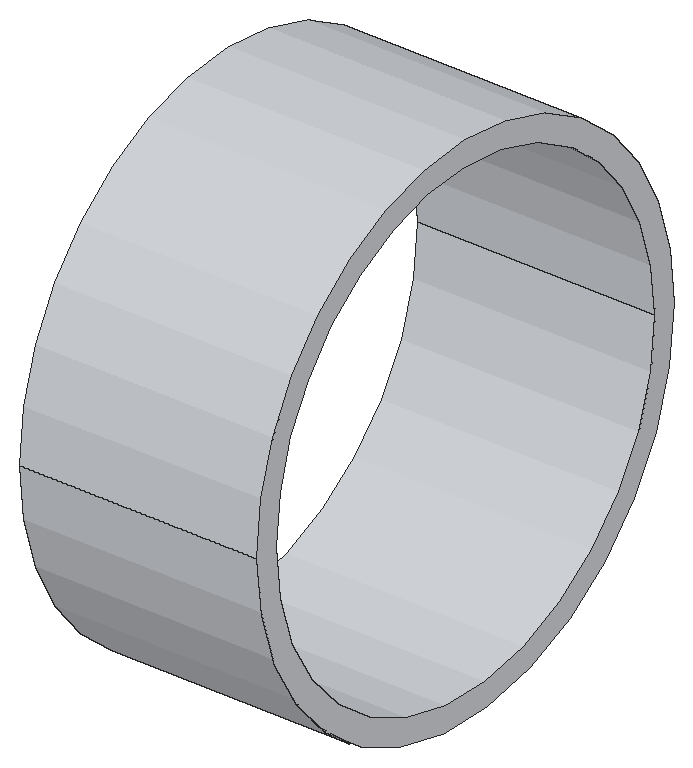
Revit family "立柱隆沉", category 常规模型, Revit 2016
Family settings
  零件类型 = 标准
  可将钢筋附着到主体 = 否
  圆形连接件大小 = 使用直径
  基于工作平面 = 否
  加载时剪切的空心 = 否
  共享 = 否
  房间计算点 = 否
Parameters
  测点编号 [instance] = "LZ01"
  built-in parameter 1001306 [instance] = 200 mm
  直径 = 400 mm
  监测数据 [instance] = ""
  外径 = 直径 + 2 * 壁厚  # 440 mm
  壁厚 = 20 mm
Reference planes
  plane 1 "中心(前/后)": y = 0
  plane 2: z = 0
  plane 3 "左": x = 0
  plane 4 "右": x = 200
Forms (mm)
  Extrusion 1, solid
    sketch origin (0, 0, 0) x (0, 1, 0) y (0, 0, 1)
      loop
        circle (0, 0) r 220
    from 0 to 200
  Extrusion 2, void
    sketch origin (0, 0, 0) x (0, 1, 0) y (0, 0, 1)
      loop
        circle (0, 0) r 200
    from 0 to 200
Cuts and joins
  Extrusion 2 cuts Extrusion 1
Lines and regions (mm)
  reference lines
    curve 1: line (0, 0, 0) -> (200, 0, 0)
Dimensions and locks
  "built-in parameter 1001306": plane 3 "左" to plane 4 "右"
  "外径": diameter of Extrusion 1 sketch curve
  "直径": diameter of Extrusion 2 sketch curve
  aligned and locked: plane 4 "右" to curve 1
  aligned and locked: plane 1 "中心(前/后)" to curve 1
  aligned and locked: plane 3 "左" to curve 1
  aligned and locked: level to plane 2
  aligned and locked: plane 4 "右" to Extrusion 1
  aligned and locked: Extrusion 1 to plane 3 "左"
  aligned and locked: plane 4 "右" to cut or joined group of Extrusion 1, Extrusion 2
  aligned and locked: cut or joined group of Extrusion 1, Extrusion 2 to plane 3 "左"
Automatic sketch dimensions
  Extrusion 1 sketch curve to level = 0 mm
  Extrusion 1 sketch curve to plane 1 "中心(前/后)" = 0 mm
  Extrusion 2 sketch curve to level = 0 mm
  Extrusion 2 sketch curve to plane 1 "中心(前/后)" = 0 mm
